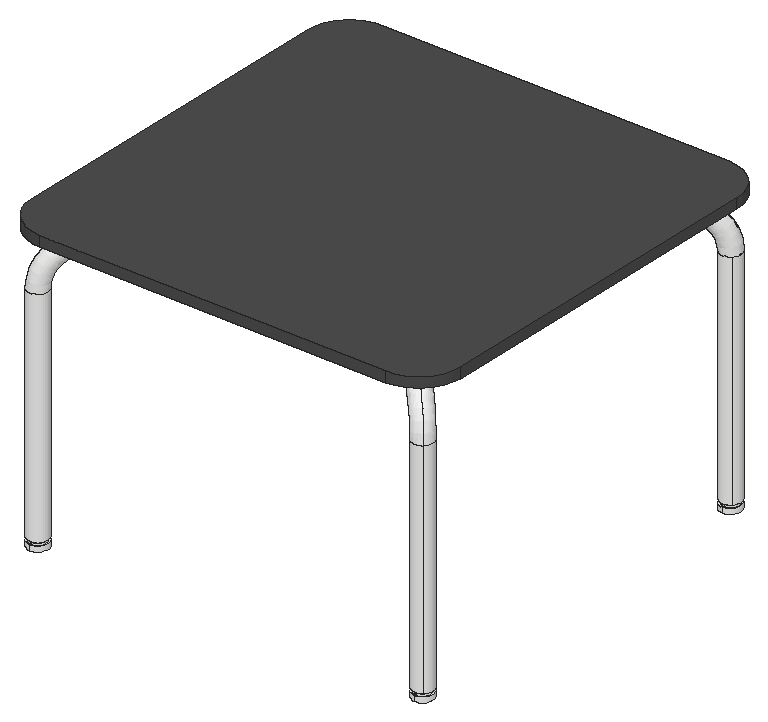
Revit family "Table-Teknion-CQTMS_Routes_Square_Meeting_Table-R2018", category Furniture, Revit 2018 (continued)
Automatic sketch dimensions
  curve 49 to curve 78 = 0.49497"
  curve 74 to curve 74 = 0.17678"
  curve 80 to curve 80 = 0.17678"
  curve 74 to curve 75 = 0.95459"
  curve 80 to curve 81 = 0.95459"
  curve 81 to curve 82 = 0.17678"
  curve 43 to curve 38 = 0.53033"
  curve 81 to curve 47 = 0.84853"
  curve 47 to curve 46 = 0.53033"
  curve 102 to plane 6 "Back" = 2.86265"
  curve 15 to curve 16 = 1.42953"
  curve 108 to curve 34 = 0.70545"
  curve 30 to curve 22 = 0.00151"
  curve 34 to curve 108 = 0.00151"
  curve 108 to curve 35 = 0.0024"
  curve 22 to curve 31 = 0.0024"
  curve 22 to curve 33 = 0.01402"
  curve 30 to curve 16 = 0.00436"
  curve 103 to curve 34 = 0.00436"
  curve 37 to curve 108 = 0.01402"
  curve 108 to curve 37 = 0.01567"
  curve 22 to curve 33 = 0.01567"
  radius of Sweep 3 sketch curve = 1.000"
  radius of Sweep 5 sketch curve = 0.9999"
  radius of Sweep 8 sketch curve = 1.000"
  radius of Sweep 10 sketch curve = 0.9999"
  radius of Sweep 16 sketch curve = 0.46956"
  radius of Sweep 17 sketch curve = 1.000"
  radius of Sweep 18 sketch curve = 0.77651"
  radius of Sweep 19 sketch curve = 0.84765"
  radius of Sweep 20 sketch curve = 0.46956"
  radius of Sweep 21 sketch curve = 1.000"
  radius of Sweep 22 sketch curve = 0.77651"
  radius of Sweep 23 sketch curve = 0.84765"
  radius of Sweep 25 sketch curve = 0.46956"
  radius of Sweep 26 sketch curve = 1.000"
  radius of Sweep 27 sketch curve = 0.77651"
  radius of Sweep 28 sketch curve = 0.84765"
  radius of Sweep 29 sketch curve = 0.46956"
  radius of Sweep 30 sketch curve = 1.000"
  radius of Sweep 31 sketch curve = 0.77651"
  radius of Sweep 32 sketch curve = 0.84765"
  radius of curve 23 = 1.00198"
  radius of curve 24 = 0.47169"
  radius of curve 27 = 1.00198"
  radius of curve 28 = 0.47169"
  radius of curve 31 = 1.00198"
  radius of curve 32 = 0.47169"
  radius of curve 35 = 1.00198"
  radius of curve 36 = 0.47169"
